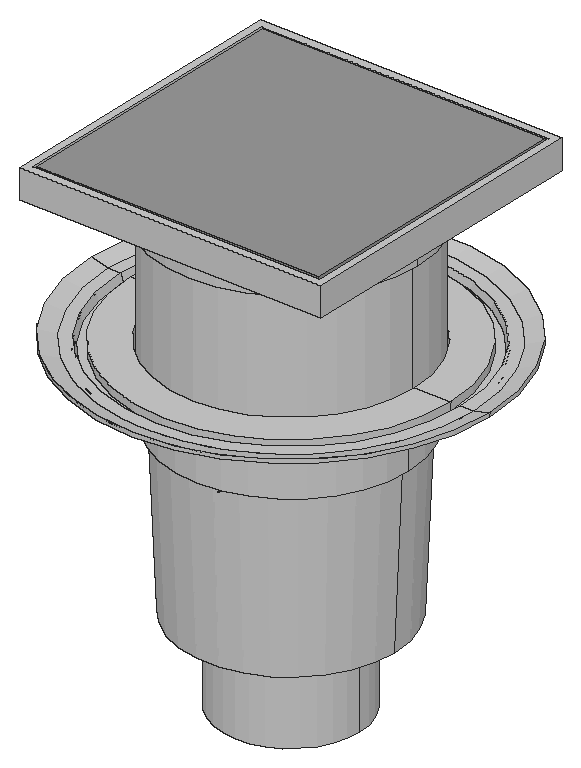
Revit family "HL_Дворовый трап серии Perfekt_HL616LW", category Instalační zařizovací předměty, Revit 2016
Family settings
  Typ součásti = Normální
  Kóta kulaté spojky = Použít průměr
  Číslo OmniClass = 23.70.50.21.24.14
  Nadpis OmniClass = Deck Waste Water Drains
  Založené na pracovní rovině = Ne
  Vždy vertikální = Ano
  Ořezat dutým tvarem při načtení = Ne
  Sdílené = Ne
  Bod výpočtu místnosti = Ano
Parameters (values of type "HL_Дворовый трап серии Perfekt_HL616LW_1")
  РЕШЁТКА = "Kunststoff 226 x 226 mm"
  РАЗМЕР = "DN110"
  ПРОПУСКНАЯ СПОСОБНОСТЬ [instance] = 0.0 L/s
  ПРОИЗВОДИТЕЛЬНОСТЬ = "2,1 l/s"
  ПРАВОВАЯ ИНФОРМАЦИЯ = "\"Авторские права(©), права на дизайн или какие либо другие права интелектуальной собственности являются исключительной собственностью компании HL Hutterer & Lechner. Изменению не подлежит. Файл семейства с данными о прозводителе изделия защищен паролем с водяным знаком.\""
  НОМИНАЛЬНЫЙ ДИАМЕТР = 110 mm
  НАСАДКА = "42-130 mm/240 x 240 mm"
  МАТЕРИАЛ = "PP"
  МАКСИМАЛЬНАЯ НАГРУЗКА КЛАССА = "L - 1,5 t"
  ВЫСОТА МОНТАЖА = "239 mm"
  ВЕС = "1,857 kg"
  Výrobce = "HL Hutterer & Lechner GmbH"
  URL = "http://www.hutterer-lechner.com/ru/products/catalog/roof-drains/HL616LW/1.aspx"
  Материал плитка [instance] = none
  Připojení ventilace = no
  Připojení odpadu = yes
  Připojení HW = no
  Připojení CW = no
  Popis = "Дворовый трап серии Perfekt DN110 вертикальный"
  Model = "HL616LW/1"
  Assembly Code = " "
  Komentáře k typům = "Дворовый трап серии Perfekt DN110 вертикальный с обжимным фланцем, 240х240мм/226х226мм ПП с водяным затвором."
  Keynote = "HL616LW/1"
  IH [instance] = Высота монтажа 1 + Высота монтажа 2  # 130 mm
  Высота монтажа 2 [instance] = 0 mm
  Высота монтажа 1 [instance] = 130 mm
  G [instance] = 180.00°  # constant formula
  EAN = "9003076009596"
  D [instance] = IH + 165 mm  # 295 mm
  C [instance] = if(IH - 68 mm < 0 mm, 0 mm, IH - 68 mm)  # 62 mm
  B [instance] = 100 mm
  A [instance] = if(B - 100 mm > 15 mm, B - 100 mm, 15 mm)  # 15 mm
Types (3, lengths in mm): name | РАЗМЕР | НОМИНАЛЬНЫЙ ДИАМЕТР | ВЕС | URL | Popis | Model | Komentáře k typům | Keynote | EAN
  (no name) | "DN110" | 110 | "1,857 kg" | "http://www.hutterer-lechner.com/ru/products/catalog/roof-drains/HL616LW/1.aspx" | "Дворовый трап серии Perfekt DN110 вертикальный" | "HL616LW/1" | "Дворовый трап серии Perfekt DN110 вертикальный с обжимным фланцем, 240х240мм/226х226мм ПП с водяным затвором." | "HL616LW/1" | "9003076009596"
  HL_Дворовый трап серии Perfekt_HL616LW_1 | "DN110" | 110 | "1,857 kg" | "http://www.hutterer-lechner.com/ru/products/catalog/roof-drains/HL616LW/1.aspx" | "Дворовый трап серии Perfekt DN110 вертикальный" | "HL616LW/1" | "Дворовый трап серии Perfekt DN110 вертикальный с обжимным фланцем, 240х240мм/226х226мм ПП с водяным затвором." | "HL616LW/1" | "9003076009596"
  HL_Дворовый трап серии Perfekt_HL616LW_5 | "DN160" | 160 | "1,863 kg" | "http://www.hutterer-lechner.com/ru/products/catalog/roof-drains/HL616LW/5.aspx" | "Дворовый трап серии Perfekt DN160 вертикальный" | "HL616LW/5" | "Дворовый трап серии Perfekt DN160 вертикальный с обжимным фланцем, 240х240мм/226х226мм ПП с водяным затвором." | "HL616LW/5" | "9003076009572"
Reference planes
  plane 1 "Center (Front/Back)": y = 0
  plane 2: z = 0
  plane 3 "Center (Left/Right)": x = 0
  plane 4: z = -100
  plane 5: z = -130
  plane 6: z = -130
Lines and regions (mm)
  model lines, style "InvisibleLines"
    curve 1: line (0, 0, 0) -> (0, 0, 20)
  model lines, style "PlumbingFixtures", detail levels coarse+medium
    curve 2: line (0, 0, -100) -> (0, 0, -85)
    curve 3: line (0, 0, -85) -> (-85, 0, 0)
    curve 4: line (0, 0, -85) -> (85, 0, 0)
    curve 6: line (0, 0, -100) -> (0, 0, -395)
  reference lines, not visible
    curve 5: line (0, 0, -100) -> (0, 0, -395)
  symbolic lines, style "PlumbingFixtures", detail levels coarse+medium
    curve 7: line (-75, 75, 0) -> (75, 75, 0)
    curve 8: line (-75, -75, 0) -> (-75, 75, 0)
    curve 9: line (75, -75, 0) -> (-75, -75, 0)
    curve 10: line (75, 75, 0) -> (75, -75, 0)
    curve 11: line (-75, 75, 0) -> (-145.711, 145.711, 0)
    curve 12: line (75, 75, 0) -> (145.711, 145.711, 0)
    curve 13: line (-75, -75, 0) -> (-145.711, -145.711, 0)
    curve 14: line (75, -75, 0) -> (145.711, -145.711, 0)
  symbolic lines, style "PlumbingFixtures", not visible, detail levels coarse+medium
    curve 15: line (-75, 75, 0) -> (75, 75, 0)
    curve 16: line (-75, -75, 0) -> (-75, 75, 0)
    curve 17: line (75, -75, 0) -> (-75, -75, 0)
    curve 18: line (75, 75, 0) -> (75, -75, 0)
    curve 19: line (-75, 75, 0) -> (-145.711, 145.711, 0)
    curve 20: line (75, 75, 0) -> (145.711, 145.711, 0)
    curve 21: line (-75, -75, 0) -> (-145.711, -145.711, 0)
    curve 22: line (75, -75, 0) -> (145.711, -145.711, 0)
Text (mm)
  text "FLOOR" at (-162.344, 0, -10.979), in view "Слева"
Dimensions and locks
  "B": plane 2 to plane 4
  "IH": plane 2 to plane 5
  "A": curve 4 to plane 4
  "D": curve 5 to curve 5
  "D": curve 6 to curve 6
  "Высота монтажа 1": plane 2 to plane 6
  locked: curve 4 to plane 3 "Center (Left/Right)" (angle 45.00°)
  locked: plane 3 "Center (Left/Right)" to curve 3 (angle 45.00°)
  "G": angle curve 5 to plane 3 "Center (Left/Right)"
  aligned and locked: level to plane 2
  aligned and locked: plane 2 to curve 4
  aligned and locked: plane 2 to curve 3
  aligned and locked: plane 4 to curve 5
  aligned and locked: plane 3 "Center (Left/Right)" to curve 5
  aligned and locked: plane 4 to curve 2
  aligned and locked: plane 3 "Center (Left/Right)" to curve 6
  aligned and locked: plane 4 to curve 6
  aligned and locked: plane 3 "Center (Left/Right)" to nested 2
  aligned and locked: plane 2 to nested 2
  aligned and locked: nested 1 to plane 3 "Center (Left/Right)"
  aligned and locked: nested 1 to plane 5
  aligned and locked: plane 3 "Center (Left/Right)" to nested 3
  aligned and locked: nested 3 to nested 2
  aligned and locked: nested 4 to plane 3 "Center (Left/Right)"
  aligned and locked: nested 1 to nested 4
Automatic sketch dimensions
  curve 2 to plane 3 "Center (Left/Right)" = 0 mm
  curve 1 to plane 3 "Center (Left/Right)" = 0 mm
  curve 1 to level = 0 mm
  curve 1 to curve 1 = 20 mm
Nested families
  nested 1: "HL-кровельные воронки - корпус-HL616K" at (0, 0, -129.974), type "HL-кровельные воронки - корпус-HL616K_1"
  nested 2: "HL-Надставные элементы-HL623" at (0, 0, 0), Высота монтажа <- "Высота монтажа 1", type "HL-Надставные элементы-HL623"
    with Высота монтажа 130 mm, a 100 mm, Ihmin 42 mm, Ihmax 130 mm
  nested 3: "HL-Песколовка-HL0606.2E" at (0, 0, -22.999), type "HL-Песколовка-HL0606.2E"
  nested 4: "HL-Вкладыш запахозапирающий-HL0605.2E" at (0, 0, -190.474), type "HL-Вкладыш запахозапирающий-HL0605.2E"
Connectors
  piping at (0, 0, -395), diameter 110, driven by "ПРОПУСКНАЯ СПОСОБНОСТЬ", driven by "НОМИНАЛЬНЫЙ ДИАМЕТР"
    settings: on curve 5, index 1, connector inside diameter 609.6 mm, connector length 0 mm, flow factor 0, pipe flow 0.0 L/s, pressure drop 0.0 Pa, fitting loss kfactor 0, connector angle 0.00°, fixture units 0, engagement length 0 mm, angle of deflection 0.00°, flow configuration 1, flow direction 2, fitting loss method 0, system type 16, joint type 0, gender type 0, connector reference index -1, connector utility 0, adjustable connector yes, is connector primary yes, connector description ""
Definition of nested family "HL-кровельные воронки - корпус-HL616K"
  Parameters
    РАЗМЕР = ""
    ПРАВОВАЯ ИНФОРМАЦИЯ = ""
    НОМИНАЛЬНЫЙ ДИАМЕТР = 110 mm
    МАТЕРИАЛ = ""
    ВЫСОТА МОНТАЖА = ""
    ВЕС = ""
    a = if(НОМИНАЛЬНЫЙ ДИАМЕТР = 11 mm, 62 mm, 67 mm)  # 67 mm
    Height = 0 mm
    Manufacturer = ""
    URL = ""
    Description = ""
    ND = НОМИНАЛЬНЫЙ ДИАМЕТР / 2  # 55 mm
    Model = ""
    материал = none
    Type Comments = ""
    Keynote = ""
    EAN = ""
    Cost = 0
  Types (3, lengths in mm): name | РАЗМЕР | ПРАВОВАЯ ИНФОРМАЦИЯ | МАТЕРИАЛ | ВЫСОТА МОНТАЖА | ВЕС | Manufacturer | URL | Description | Model | Type Comments | Keynote | EAN
    (no name) | "" | "" | "" | "" | "" | "" | "" | "" | "" | "" | "" | ""
    HL-кровельные воронки - корпус-HL616K_1 | "DN110" | "\"Авторские права(©), права на дизайн или какие либо другие права интелектуальной собственности являются исключительной собственностью компании HL Hutterer & Lechner. Изменению не подлежит. Файл семейства с данными о прозводителе изделия защищен паролем с водяным знаком.\"" | "PP" | "197 mm" | "0,652 kg" | "HL Hutterer & Lechner GmbH" | "http://www.hutterer-lechner.com/ru/products/catalog/roof-drains/HL616K/1.aspx" | "Дворовый трап серии Perfekt DN110 вертикальный" | "HL616K/1" | "Корпус дворового трапа серии Perfekt DN110 вертикальный с обжимным фланцем." | "HL616K/1" | "9003076010639"
    HL-кровельные воронки - корпус-HL616K_5 | "DN160" | "\"Авторские права(©), права на дизайн или какие либо другие права интелектуальной собственности являются исключительной собственностью компании HL Hutterer & Lechner. Изменению не подлежит. Файл семейства с данными о прозводителе изделия защищен паролем с водяным знаком.\"" | "PP" | "197 mm" | "0,658 kg" | "HL Hutterer & Lechner GmbH" | "http://www.hutterer-lechner.com/ru/products/catalog/roof-drains/HL616K/5.aspx" | "Дворовый трап серии Perfekt DN160 вертикальный" | "HL616K/5" | "Корпус дворового трапа серии Perfekt DN160 вертикальный с обжимным фланцем." | "HL616K/5" | "9003076010677"
  Reference planes
    plane 1 "Střed (vpředu/vzadu)": y = 0
    plane 2: z = 0
    plane 3 "Střed (vlevo/vpravo)": x = 0
    plane 4: z = -198
  Forms (mm)
    Revolve 1, solid, material <- "материал", detail levels fine
      sketch origin (0, 0, 0) x (1, 0, 0) y (0, 0, 1)
        loop
          line (158.746, -0.026) -> (145.781, -3.5) -> (135.781, -3.5) -> (134.096, -9.367) -> (127.541, -9.367) -> (127.541, -3.5) -> (99.151, -3.5) -> (99.151, -25.5) -> (90, -25.5) -> (90, -60.5) -> (85.551, -60.5) -> (79.463, -194) -> (51.105, -194) -> (51.105, -198) -> (83.393, -198) -> (89.481, -64.5) -> (94.013, -64.5) -> (94.013, -34.2) -> (103.091, -34.2) -> (103.091, -12.303) -> (134.671, -12.303)
          arc (134.671, -12.303) -> (136.701, -11.463) -> (137.542, -9.433) r 2.871
          line (137.542, -9.433) -> (137.542, -6.409) -> (146.262, -6.409) -> (158.746, -3.064) -> (158.746, -0.026)
        axis (0, -198) -> (0, -0.026)
      angle from 0 to 360
    Revolve 2, solid, material <- "материал", detail levels fine
      sketch origin (0, 0, 0) x (1, 0, 0) y (0, 0, 1)
        loop
          line (0, -198) -> (0, -265) -> (55, -265) -> (55, -198) -> (0, -198)
        axis (0, -198) -> (0, -265)
      angle from 0 to 360
  Dimensions and locks
    locked: plane 2 to plane 4 at 198
    "ND": Revolve 2 sketch curve to plane 3 "Střed (vlevo/vpravo)"
    "a": plane 4 to Revolve 2 sketch curve
    aligned and locked: level to plane 2
  Automatic sketch dimensions
    Revolve 1 sketch curve to plane 3 "Střed (vlevo/vpravo)" = 0 mm
    Revolve 1 sketch curve to plane 4 = 0 mm
    plane 4 to Revolve 1 sketch curve = 4 mm
    plane 3 "Střed (vlevo/vpravo)" to Revolve 1 sketch curve = 51.105 mm
    Revolve 1 sketch curve to Revolve 1 sketch curve = 28.358 mm
    Revolve 1 sketch curve to Revolve 1 sketch curve = 3.93 mm  (x2)
    plane 3 "Střed (vlevo/vpravo)" to Revolve 1 sketch curve = 85.551 mm
    Revolve 1 sketch curve to Revolve 1 sketch curve = 0.519 mm
    Revolve 1 sketch curve to Revolve 1 sketch curve = 4.013 mm
    Revolve 1 sketch curve to level = 3.5 mm  (x2)
    Revolve 1 sketch curve to Revolve 1 sketch curve = 9.151 mm
    Revolve 1 sketch curve to Revolve 1 sketch curve = 3.941 mm
    Revolve 1 sketch curve to Revolve 1 sketch curve = 24.449 mm
    Revolve 1 sketch curve to Revolve 1 sketch curve = 6.555 mm
    Revolve 1 sketch curve to Revolve 1 sketch curve = 0.575 mm
    Revolve 1 sketch curve to Revolve 1 sketch curve = 1.11 mm
    Revolve 1 sketch curve to Revolve 1 sketch curve = 1.761 mm
    Revolve 1 sketch curve to Revolve 1 sketch curve = 8.239 mm
    Revolve 1 sketch curve to Revolve 1 sketch curve = 0.481 mm
    Revolve 1 sketch curve to level = 0.026 mm
    Revolve 1 sketch curve to Revolve 1 sketch curve = 12.965 mm
    Revolve 1 sketch curve to Revolve 1 sketch curve = 61 mm
    Revolve 1 sketch curve to Revolve 1 sketch curve = 4 mm
    Revolve 1 sketch curve to Revolve 1 sketch curve = 26.3 mm
    Revolve 1 sketch curve to Revolve 1 sketch curve = 8.7 mm
    Revolve 1 sketch curve to Revolve 1 sketch curve = 8.804 mm
    Revolve 1 sketch curve to Revolve 1 sketch curve = 0.066 mm
    Revolve 1 sketch curve to Revolve 1 sketch curve = 3.024 mm
    Revolve 1 sketch curve to Revolve 1 sketch curve = 3.038 mm
    level to Revolve 1 sketch curve = 9.5 mm
    Revolve 1 sketch curve to Revolve 1 sketch curve = 50 mm
    Revolve 2 sketch curve to plane 3 "Střed (vlevo/vpravo)" = 0 mm  (x2)
    Revolve 2 sketch curve to plane 4 = 0 mm
    Revolve 2 sketch curve to Revolve 2 sketch curve = 15 mm
    Revolve 2 sketch curve to Revolve 2 sketch curve = 25 mm
Definition of nested family "HL-Надставные элементы-HL623"
  Parameters
    РЕШЁТКА = ""
    РАЗМЕР = ""
    ПРАВОВАЯ ИНФОРМАЦИЯ = ""
    НАСАДКА = ""
    МАТЕРИАЛ = ""
    МАКСИМАЛЬНАЯ НАГРУЗКА КЛАССА = ""
    ВЫСОТА МОНТАЖА = ""
    ВЕС = ""
    a [instance] = if(Высота монтажа < Ihmin, -10 mm, if(Высота монтажа > Ihmax, -10 mm, Высота монтажа - 30 mm))  # 100 mm
    Manufacturer = ""
    URL = ""
    Description = ""
    Model = ""
    материал 2 = none
    материал = none
    Type Comments = ""
    Keynote = ""
    Высота монтажа [instance] = 130 mm
    Ihmin [instance] = 42 mm
    Ihmax [instance] = 130 mm
    EAN = ""
    Cost = 0
  Types (2, lengths in mm): name | РЕШЁТКА | РАЗМЕР | ПРАВОВАЯ ИНФОРМАЦИЯ | НАСАДКА | МАТЕРИАЛ | МАКСИМАЛЬНАЯ НАГРУЗКА КЛАССА | ВЫСОТА МОНТАЖА | ВЕС | Manufacturer | URL | Description | Model | Type Comments | Keynote | EAN
    (no name) | "" | "" | "" | "" | "" | "" | "" | "" | "" | "" | "" | "" | "" | "" | ""
    HL-Надставные элементы-HL623 | "Kunststoff 226x226mm" | "d 195mm" | "\"Авторские права(©), права на дизайн или какие либо другие права интелектуальной собственности являются исключительной собственностью компании HL Hutterer & Lechner. Изменению не подлежит. Файл семейства с данными о прозводителе изделия защищен паролем с водяным знаком.\"" | "240x240mm" | "PP" | "L - 1,5 t" | "144 mm" | "0,954 [kg]" | "HL Hutterer & Lechner GmbH" | "http://www.hutterer-lechner.com/ru/products/catalog/roof-drains/HL623.aspx" | "Надставные элементы" | "HL623" | "Насадка d 195мм/240х240мм/226х226мм ПП" | "HL623" | "9003076014743"
  Reference planes
    plane 1 "Střed (vpředu/vzadu)": y = 0
    plane 2: z = 0
    plane 3 "Střed (vlevo/vpravo)": x = 0
    plane 4: z = -45
    plane 5: z = -145
  Forms (mm)
    Extrusion 1, solid, material <- "материал", detail levels fine
      sketch origin (0, 0, 0) x (1, 0, 0) y (0, 1, 0)
        loop
          line (-112.5, 112.5) -> (-112.5, -112.5) -> (112.5, -112.5) -> (112.5, 112.5) -> (-112.5, 112.5)
      from 0 to -20
    Extrusion 2, solid, material <- "материал 2", detail levels fine
      sketch origin (0, 0, 0) x (1, 0, 0) y (0, 1, 0)
        loop
          line (114.5, -114.5) -> (114.5, 114.5) -> (-114.5, 114.5) -> (-114.5, -114.5) -> (114.5, -114.5)
        loop
          line (-120, 120) -> (-120, -120) -> (120, -120) -> (120, 120) -> (-120, 120)
      from 0 to -20
    Extrusion 3, solid, material <- "материал 2", detail levels fine
      sketch origin (0, 0, 0) x (1, 0, 0) y (0, 1, 0)
        loop
          line (120, -120) -> (120, 120) -> (-120, 120) -> (-120, -120) -> (120, -120)
      from -20 to -23
    Revolve 4, solid, material <- "материал 2", detail levels fine
      sketch origin (0, 0, 0) x (1, 0, 0) y (0, 0, 1)
        loop
          line (0, -23) -> (-101.5, -23) -> (-101.5, -45) -> (0, -45) -> (0, -23)
        axis (0, -45) -> (0, -23)
      angle from 0 to 360
    Revolve 5, solid, material <- "материал 2", detail levels fine
      sketch origin (0, 0, 0) x (1, 0, 0) y (0, 0, 1)
        loop
          line (0, -45) -> (0, -145) -> (97.213, -145) -> (97.213, -45) -> (0, -45)
        axis (0, -45) -> (0, -145)
      angle from 0 to 360
  Cuts and joins
    joined: Extrusion 2, Extrusion 3
  Lines and regions (mm)
    model lines, detail levels fine
      curve 1: line (10.96, 46.315, 0) -> (45.608, 80.964, 0)
      curve 2: line (56.215, 70.357, 0) -> (21.567, 35.709, 0)
      curve 3: line (35.709, 21.567, 0) -> (70.357, 56.215, 0)
      curve 4: line (80.964, 45.608, 0) -> (46.315, 10.96, 0)
      curve 5: line (92, 7.5, 0) -> (72.5, 7.5, 0)
      curve 6: line (92, -7.5, 0) -> (72.5, -7.5, 0)
      curve 7: arc (92, -7.5, 0) -> (99.5, 0, 0) -> (92, 7.5, 0) r 7.5
      curve 8: arc (72.5, -7.5, 0) -> (65, 0, 0) -> (72.5, 7.5, 0) r 7.5
      curve 9: arc (80.964, 45.608, 0) -> (80.964, 56.215, 0) -> (70.357, 56.215, 0) r 7.5
      curve 10: arc (56.215, 70.357, 0) -> (56.215, 80.964, 0) -> (45.608, 80.964, 0) r 7.5
      curve 11: arc (21.567, 35.709, 0) -> (10.96, 35.709, 0) -> (10.96, 46.315, 0) r 7.5
      curve 12: arc (46.315, 10.96, 0) -> (35.709, 10.96, 0) -> (35.709, 21.567, 0) r 7.5
      curve 13: line (7.5, 92, 0) -> (7.5, 72.5, 0)
      curve 14: line (-7.5, 92, 0) -> (-7.5, 72.5, 0)
      curve 15: arc (-7.5, 92, 0) -> (0, 99.5, 0) -> (7.5, 92, 0) r 7.5
      curve 16: arc (-7.5, 72.5, 0) -> (0, 65, 0) -> (7.5, 72.5, 0) r 7.5
      curve 17: line (7.5, -92, 0) -> (7.5, -72.5, 0)
      curve 18: line (-7.5, -92, 0) -> (-7.5, -72.5, 0)
      curve 19: arc (-7.5, -92, 0) -> (0, -99.5, 0) -> (7.5, -92, 0) r 7.5
      curve 20: arc (-7.5, -72.5, 0) -> (0, -65, 0) -> (7.5, -72.5, 0) r 7.5
      curve 21: line (92, -7.5, 0) -> (72.5, -7.5, 0)
      curve 22: line (92, 7.5, 0) -> (72.5, 7.5, 0)
      curve 23: arc (92, 7.5, 0) -> (99.5, 0, 0) -> (92, -7.5, 0) r 7.5
      curve 24: arc (72.5, 7.5, 0) -> (65, 0, 0) -> (72.5, -7.5, 0) r 7.5
      curve 25: line (-92, -7.5, 0) -> (-72.5, -7.5, 0)
      curve 26: arc (-92, -7.5, 0) -> (-99.5, 0, 0) -> (-92, 7.5, 0) r 7.5
      curve 27: arc (-72.5, -7.5, 0) -> (-65, 0, 0) -> (-72.5, 7.5, 0) r 7.5
      curve 28: line (-92, -7.5, 0) -> (-72.5, -7.5, 0)
      curve 29: line (-92, 7.5, 0) -> (-72.5, 7.5, 0)
      curve 30: arc (-92, 7.5, 0) -> (-99.5, 0, 0) -> (-92, -7.5, 0) r 7.5
      curve 31: arc (-72.5, 7.5, 0) -> (-65, 0, 0) -> (-72.5, -7.5, 0) r 7.5
      curve 32: line (-10.96, 46.315, 0) -> (-45.608, 80.964, 0)
      curve 33: line (-56.215, 70.357, 0) -> (-21.567, 35.709, 0)
      curve 34: line (-35.709, 21.567, 0) -> (-70.357, 56.215, 0)
      curve 35: line (-80.964, 45.608, 0) -> (-46.315, 10.96, 0)
      curve 36: arc (-80.964, 45.608, 0) -> (-80.964, 56.215, 0) -> (-70.357, 56.215, 0) r 7.5
      curve 37: arc (-56.215, 70.357, 0) -> (-56.215, 80.964, 0) -> (-45.608, 80.964, 0) r 7.5
      curve 38: arc (-21.567, 35.709, 0) -> (-10.96, 35.709, 0) -> (-10.96, 46.315, 0) r 7.5
      curve 39: arc (-46.315, 10.96, 0) -> (-35.709, 10.96, 0) -> (-35.709, 21.567, 0) r 7.5
      curve 40: line (10.96, -46.315, 0) -> (45.608, -80.964, 0)
      curve 41: line (56.215, -70.357, 0) -> (21.567, -35.709, 0)
      curve 42: line (35.709, -21.567, 0) -> (70.357, -56.215, 0)
      curve 43: line (80.964, -45.608, 0) -> (46.315, -10.96, 0)
      curve 44: arc (80.964, -45.608, 0) -> (80.964, -56.215, 0) -> (70.357, -56.215, 0) r 7.5
      curve 45: arc (56.215, -70.357, 0) -> (56.215, -80.964, 0) -> (45.608, -80.964, 0) r 7.5
      curve 46: arc (21.567, -35.709, 0) -> (10.96, -35.709, 0) -> (10.96, -46.315, 0) r 7.5
      curve 47: arc (46.315, -10.96, 0) -> (35.709, -10.96, 0) -> (35.709, -21.567, 0) r 7.5
      curve 48: line (-10.96, -46.315, 0) -> (-45.608, -80.964, 0)
      curve 49: line (-56.215, -70.357, 0) -> (-21.567, -35.709, 0)
      curve 50: line (-35.709, -21.567, 0) -> (-70.357, -56.215, 0)
      curve 51: line (-80.964, -45.608, 0) -> (-46.315, -10.96, 0)
      curve 52: arc (-80.964, -45.608, 0) -> (-80.964, -56.215, 0) -> (-70.357, -56.215, 0) r 7.5
      curve 53: arc (-56.215, -70.357, 0) -> (-56.215, -80.964, 0) -> (-45.608, -80.964, 0) r 7.5
      curve 54: arc (-21.567, -35.709, 0) -> (-10.96, -35.709, 0) -> (-10.96, -46.315, 0) r 7.5
      curve 55: arc (-46.315, -10.96, 0) -> (-35.709, -10.96, 0) -> (-35.709, -21.567, 0) r 7.5
  Dimensions and locks
    plane 2 to plane 4 = 45 mm
    plane 4 to Revolve 5 sketch curve = 100 mm
    plane 2 to plane 5 = 145 mm
    "a": plane 4 to Revolve 5 sketch curve
    aligned and locked: level to plane 2
    aligned and locked: plane 4 to Revolve 5 sketch curve
  Automatic sketch dimensions
    curve 7 to curve 23 = 0 mm  (x2)
    curve 8 to curve 24 = 0 mm  (x2)
    curve 26 to curve 30 = 0 mm  (x2)
    curve 27 to curve 31 = 0 mm  (x2)
    plane 1 "Střed (vpředu/vzadu)" to curve 26 = 0 mm
    curve 16 to plane 3 "Střed (vlevo/vpravo)" = 0 mm
    curve 20 to plane 3 "Střed (vlevo/vpravo)" = 0 mm
    plane 1 "Střed (vpředu/vzadu)" to curve 24 = 0 mm
    curve 18 to plane 3 "Střed (vlevo/vpravo)" = 7.5 mm
    curve 14 to plane 3 "Střed (vlevo/vpravo)" = 7.5 mm
    curve 32 to plane 3 "Střed (vlevo/vpravo)" = 10.96 mm
    curve 48 to plane 3 "Střed (vlevo/vpravo)" = 10.96 mm
    curve 54 to curve 54 = 5.303 mm  (x2)
    curve 38 to curve 38 = 5.303 mm  (x2)
    curve 49 to curve 54 = 5.303 mm
    curve 33 to curve 38 = 5.303 mm
    curve 34 to curve 33 = 14.142 mm
    curve 50 to curve 49 = 14.142 mm
    curve 39 to curve 34 = 5.303 mm
    curve 55 to curve 50 = 5.303 mm
    curve 48 to curve 20 = 38.108 mm
    curve 32 to curve 14 = 38.108 mm
    curve 35 to plane 1 "Střed (vpředu/vzadu)" = 10.96 mm
    curve 35 to curve 39 = 5.303 mm
    plane 1 "Střed (vpředu/vzadu)" to curve 51 = 10.96 mm
    curve 51 to curve 55 = 5.303 mm
    curve 53 to curve 48 = 5.303 mm
    curve 37 to curve 32 = 5.303 mm
    curve 49 to curve 53 = 5.303 mm
    curve 33 to curve 37 = 5.303 mm  (x2)
    curve 34 to curve 37 = 14.142 mm
    curve 50 to curve 53 = 14.142 mm
    curve 27 to curve 39 = 26.185 mm
    curve 36 to curve 34 = 5.303 mm
    curve 52 to curve 50 = 5.303 mm
    curve 35 to plane 1 "Střed (vpředu/vzadu)" = 45.608 mm
    curve 35 to curve 36 = 5.303 mm  (x2)
    plane 1 "Střed (vpředu/vzadu)" to curve 51 = 45.608 mm
    curve 51 to curve 52 = 5.303 mm
    plane 1 "Střed (vpředu/vzadu)" to curve 28 = 7.5 mm
    curve 28 to curve 25 = 19.5 mm
    plane 3 "Střed (vlevo/vpravo)" to curve 1 = 10.96 mm
    plane 3 "Střed (vlevo/vpravo)" to curve 40 = 10.96 mm
    curve 11 to curve 11 = 5.303 mm
    curve 46 to curve 46 = 5.303 mm  (x2)
    curve 11 to curve 2 = 5.303 mm
    curve 46 to curve 41 = 5.303 mm
    curve 2 to curve 3 = 14.142 mm
    curve 41 to curve 42 = 14.142 mm  (x3)
    curve 42 to curve 47 = 5.303 mm
    curve 3 to curve 12 = 5.303 mm
    curve 13 to curve 1 = 38.108 mm
    curve 17 to curve 40 = 38.108 mm
    plane 1 "Střed (vpředu/vzadu)" to curve 43 = 10.96 mm
    curve 47 to curve 43 = 5.303 mm
    curve 4 to plane 1 "Střed (vpředu/vzadu)" = 10.96 mm
    curve 12 to curve 4 = 5.303 mm
    curve 1 to curve 10 = 5.303 mm
    curve 40 to curve 45 = 5.303 mm
    curve 45 to curve 41 = 5.303 mm  (x2)
    curve 10 to curve 2 = 5.303 mm
    curve 10 to curve 3 = 14.142 mm
    curve 43 to curve 24 = 26.185 mm
    curve 42 to curve 44 = 5.303 mm
    curve 3 to curve 9 = 5.303 mm
    plane 1 "Střed (vpředu/vzadu)" to curve 43 = 45.608 mm
    curve 44 to curve 43 = 5.303 mm
    curve 4 to plane 1 "Střed (vpředu/vzadu)" = 45.608 mm
    curve 9 to curve 4 = 5.303 mm
    curve 5 to plane 1 "Střed (vpředu/vzadu)" = 7.5 mm
    curve 22 to curve 5 = 19.5 mm
    plane 1 "Střed (vpředu/vzadu)" to curve 48 = 46.315 mm
    curve 48 to curve 40 = 0 mm
    curve 52 to curve 52 = 5.303 mm
    curve 44 to curve 44 = 5.303 mm
    curve 49 to curve 50 = 14.142 mm
    curve 17 to curve 40 = 26.185 mm
    curve 53 to curve 49 = 5.303 mm
    curve 17 to curve 20 = 19.5 mm
    curve 42 to curve 47 = 10.607 mm
    curve 50 to curve 51 = 10.607 mm
    curve 4 to curve 12 = 5.303 mm
    curve 39 to curve 39 = 5.303 mm
    curve 39 to curve 33 = 14.142 mm
    curve 12 to curve 2 = 14.142 mm
    curve 2 to curve 11 = 5.303 mm
    curve 9 to curve 9 = 5.303 mm
    curve 3 to curve 2 = 14.142 mm
    curve 36 to curve 33 = 14.142 mm
    curve 11 to curve 13 = 26.185 mm
    curve 2 to curve 10 = 5.303 mm
    curve 14 to curve 14 = 19.5 mm
    Extrusion 1 sketch curve to plane 3 "Střed (vlevo/vpravo)" = 112.5 mm
    plane 3 "Střed (vlevo/vpravo)" to Extrusion 1 sketch curve = 112.5 mm
    plane 1 "Střed (vpředu/vzadu)" to Extrusion 1 sketch curve = 112.5 mm
    Extrusion 1 sketch curve to plane 1 "Střed (vpředu/vzadu)" = 112.5 mm
    Extrusion 2 sketch curve to plane 3 "Střed (vlevo/vpravo)" = 120 mm
    Extrusion 2 sketch curve to Extrusion 2 sketch curve = 5.5 mm  (x4)
    plane 3 "Střed (vlevo/vpravo)" to Extrusion 2 sketch curve = 114.5 mm
    plane 1 "Střed (vpředu/vzadu)" to Extrusion 2 sketch curve = 120 mm
    Extrusion 2 sketch curve to plane 1 "Střed (vpředu/vzadu)" = 114.5 mm
    Extrusion 3 sketch curve to plane 3 "Střed (vlevo/vpravo)" = 120 mm
    plane 3 "Střed (vlevo/vpravo)" to Extrusion 3 sketch curve = 120 mm
    plane 1 "Střed (vpředu/vzadu)" to Extrusion 3 sketch curve = 120 mm
    Extrusion 3 sketch curve to plane 1 "Střed (vpředu/vzadu)" = 120 mm
    Revolve 4 sketch curve to plane 4 = 0 mm
    Revolve 4 sketch curve to plane 3 "Střed (vlevo/vpravo)" = 0 mm  (x2)
    plane 4 to Revolve 4 sketch curve = 22 mm
    Revolve 4 sketch curve to plane 3 "Střed (vlevo/vpravo)" = 101.5 mm
    level to Revolve 4 sketch curve = 32 mm
    Revolve 4 sketch curve to Revolve 4 sketch curve = 90 mm
    Revolve 5 sketch curve to plane 3 "Střed (vlevo/vpravo)" = 0 mm  (x2)
    Revolve 5 sketch curve to Revolve 5 sketch curve = 97.213 mm
    Revolve 5 sketch curve to plane 5 = 38.999 mm
    Revolve 5 sketch curve to Revolve 5 sketch curve = 140 mm
Definition of nested family "HL-Песколовка-HL0606.2E"
  Parameters (values of type "HL-Песколовка-HL0606.2E")
    ПРАВОВАЯ ИНФОРМАЦИЯ = "\"Авторские права(©), права на дизайн или какие либо другие права интелектуальной собственности являются исключительной собственностью компании HL Hutterer & Lechner. Изменению не подлежит. Файл семейства с данными о прозводителе изделия защищен паролем с водяным знаком.\""
    МАТЕРИАЛ = "PP"
    ВЕС = "0,09 kg"
    Manufacturer = "HL Hutterer & Lechner GmbH"
    URL = "http://www.hutterer-lechner.com/ru/products/catalog/roof-drains/HL0606.2E.aspx"
    Description = "Песколовка"
    Model = "HL0606.2E"
    материал = none
    Type Comments = "Песколовка"
    Keynote = "HL0606.2E"
    EAN = "9003076060627"
    Cost = 0
  Values of the unnamed type that differ from the named types
    ПРАВОВАЯ ИНФОРМАЦИЯ = ""
    МАТЕРИАЛ = ""
    ВЕС = ""
    Manufacturer = ""
    URL = ""
    Description = ""
    Model = ""
    Type Comments = ""
    Keynote = ""
    EAN = ""
  Reference planes
    plane 1 "Střed (vpředu/vzadu)": y = 0
    plane 2: z = 0
    plane 3 "Střed (vlevo/vpravo)": x = 0
  Forms (mm)
    Revolve 1, solid, material <- "материал", detail levels fine
      sketch origin (0, 0, 0) x (1, 0, 0) y (0, 0, 1)
        loop
          line (0, -55.952) -> (0, -58.018) -> (57.601, -56.006)
          arc (57.601, -56.006) -> (65.932, -53.053) -> (69.532, -44.98) r 11.208
          line (69.532, -44.98) -> (72.482, -41.586) -> (75.031, -12.448) -> (75.865, -6.515)
          arc (75.865, -6.515) -> (76.428, -5.156) -> (77.786, -4.594) r 1.921
          line (77.786, -4.594) -> (95.979, -3.002) -> (95.979, -0.001) -> (73.246, -1.99) -> (69.436, -41.391) -> (67.501, -43.326)
          arc (67.501, -43.326) -> (65.111, -51.02) -> (57.603, -53.94) r 9.273
          line (57.603, -53.94) -> (0, -55.952)
        axis (0, -58.018) -> (0, -0.001)
      angle from 0 to 360
  Dimensions and locks
    aligned and locked: level to plane 2
Definition of nested family "HL-Вкладыш запахозапирающий-HL0605.2E"
  Parameters
    ПРАВОВАЯ ИНФОРМАЦИЯ = ""
    МАТЕРИАЛ = ""
    ВЕС = ""
    Manufacturer = ""
    URL = ""
    Description = ""
    Model = ""
    материал 2 = none
    материал = none
    Type Comments = ""
    Keynote = ""
    EAN = ""
    Cost = 0
  Types (2, lengths in mm): name | ПРАВОВАЯ ИНФОРМАЦИЯ | МАТЕРИАЛ | ВЕС | Manufacturer | URL | Description | Model | Type Comments | Keynote | EAN
    (no name) | "" | "" | "" | "" | "" | "" | "" | "" | "" | ""
    HL-Вкладыш запахозапирающий-HL0605.2E | "\"Авторские права(©), права на дизайн или какие либо другие права интелектуальной собственности являются исключительной собственностью компании HL Hutterer & Lechner. Изменению не подлежит. Файл семейства с данными о прозводителе изделия защищен паролем с водяным знаком.\"" | "PP" | "0,192 kg" | "HL Hutterer & Lechner GmbH" | "http://www.hutterer-lechner.com/ru/products/catalog/roof-drains/HL0605.2E.aspx" | "Вкладыш запахозапирающий" | "HL0605.2E" | "Вкладыш водяного затвора комплектный" | "HL0605.2E" | "9003076009725"
  Reference planes
    plane 1 "Střed (vpředu/vzadu)": y = 0
    plane 2: z = 0
    plane 3 "Střed (vlevo/vpravo)": x = 0
  Forms (mm)
    Revolve 1, solid, material <- "материал 2", detail levels fine
      sketch origin (0, 0, 0) x (1, 0, 0) y (0, 0, 1)
        loop
          line (88, -3) -> (88, 0) -> (82.921, 0) -> (82.921, -1.338) -> (78.867, -6.169) -> (78.867, -19.629) -> (76.315, -48.796)
          arc (76.315, -48.796) -> (75.558, -51.125) -> (73.796, -52.827) r 5.066
          line (73.796, -52.827) -> (58.029, -61.938) -> (58.029, -93.034) -> (53.399, -98) -> (41.859, -98) -> (41.859, -83.043) -> (45.35, -83.043) -> (45.35, -33) -> (29.878, -33) -> (29.878, -100) -> (52.94, -100)
          arc (52.94, -100) -> (57.932, -97.932) -> (60, -92.939) r 7.061
          line (60, -92.939) -> (60, -65.894)
          arc (60, -65.894) -> (60.671, -63.394) -> (62.5, -61.564) r 5.003
          line (62.5, -61.564) -> (74.706, -54.511)
          arc (74.706, -54.511) -> (77.106, -52.212) -> (78.174, -49.065) r 6.994
          line (78.174, -49.065) -> (81.088, -15.754) -> (83.996, -15.499) -> (83.996, -12.378)
          arc (83.996, -12.378) -> (85.775, -10) -> (83.996, -7.623) r 2.478
          line (83.996, -7.623) -> (83.996, -3) -> (88, -3)
        axis (0, 0) -> (0, -100)
      angle from 0 to 360
    Revolve 2, solid, material <- "материал", detail levels fine
      sketch origin (0, 0, 0) x (1, 0, 0) y (0, 0, 1)
        loop
          line (47.229, -83.043) -> (47.229, -28.043)
          arc (47.229, -28.043) -> (43.63, -19.353) -> (34.94, -15.754) r 12.289
          line (34.94, -15.754) -> (0, -15.754) -> (0, -48.796) -> (45.35, -48.796) -> (45.35, -83.043) -> (47.229, -83.043)
        axis (0, -83.043) -> (0, -15.754)
      angle from 0 to 360
  Dimensions and locks
    aligned and locked: level to plane 2
